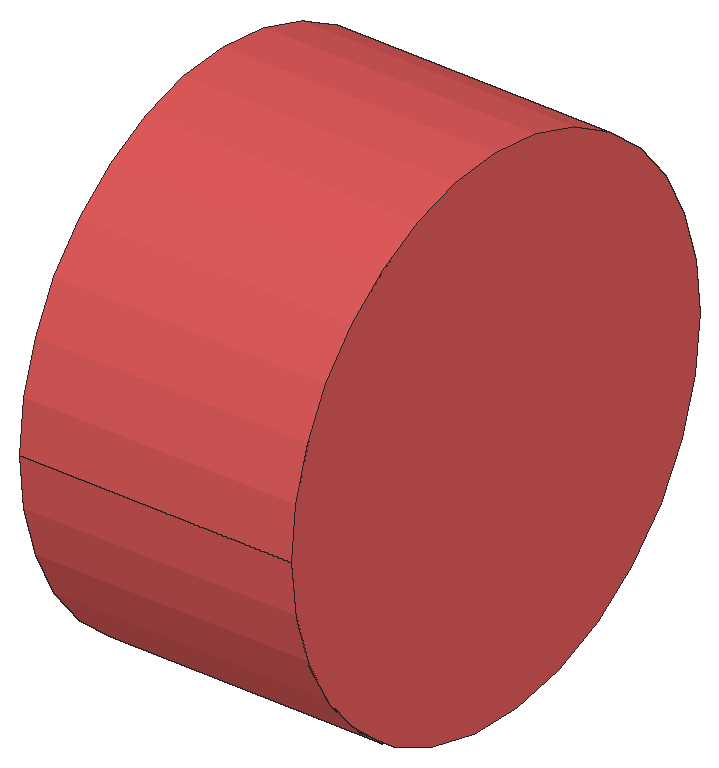
Revit family "Pam_Luvas", category Pipe Fittings, Revit 2025
Family settings
  Round Connector Dimension = Use Diameter
  Part Type = Union
  Work Plane-Based = No
  Always vertical = No
  Cut with Voids When Loaded = No
  Shared = Yes
Parameters
  Tabela [instance] = "Duc_JGS_Luvas"
  Nominal Radius [instance] = Nominal Diameter / 2  # 150.0 mm
  Nominal Diameter [instance] = 300.0 mm
  Material_Conexao = PAM_FoFo
  Manufacturer = "SGC"
  Loss Method = Not Defined
  K Coefficient Table = "Tee"
  EK7 [instance] = size_lookup(Tabela, "EK7", 5.2 mm, Nominal Diameter)  # 5.7 mm
  Description = "Luvas com Bolsas"
  Default Elevation = 0.0 mm
  Corpo_R1 [instance] = (size_lookup(Tabela, "Bolsa_DE", 54.2 mm, Nominal Diameter) / 2) + EK7  # 168.7 mm
  Corpo_L [instance] = size_lookup(Tabela, "Corpo_L", 160.0 mm, Nominal Diameter)  # 180.0 mm
  Angle [instance] = 0.00°
Reference planes
  plane 1 "Center (Front/Back)": y = 0
  plane 2: z = 0
  plane 3 "Center (Left/Right)": x = 468.25
  plane 4 "EE": x = 378.25
  plane 5 "ED": x = 558.25
Forms (mm)
  Sweep 1, solid, material "PAM_FoFo" <- "Material_Conexao"
    path origin (0, 0, 0) x (1, 0, 0) y (0, 1, 0)
      loop
        line (378.25, 0) -> (558.25, 0)
    profile origin (468.25, 0, 0) x (0, 1, 0) y (0, 0, 1)
      loop
        circle (0, 0) r 168.7
  Sweep 2, solid, material "PAM_FoFo" <- "Material_Conexao"
    path origin (0, 0, 0) x (1, 0, 0) y (0, -1, 0)
      loop
        line (378.25, 0) -> (558.25, 0)
    profile origin (468.25, 0, 0) x (0, 1, 0) y (0, 0, 1)
      loop
        circle (0, 0) r 168.7
Dimensions and locks
  "Corpo_L": plane 4 "EE" to plane 5 "ED"
  equal spacing: plane 4 "EE", plane 3 "Center (Left/Right)", plane 5 "ED"
  "Corpo_R1": radius of Sweep 1 sketch curve
  "Corpo_R1": radius of Sweep 2 sketch curve
  aligned and locked: plane 1 "Center (Front/Back)" to Sweep 1 sketch curve
  aligned and locked: plane 5 "ED" to Sweep 1 sketch curve
  aligned and locked: plane 4 "EE" to Sweep 1 sketch curve
Automatic sketch dimensions
  plane 1 "Center (Front/Back)" to Sweep 2 sketch curve = 0.0 mm
  Sweep 2 sketch curve to plane 4 "EE" = 0.0 mm
  Sweep 2 sketch curve to plane 5 "ED" = 0.0 mm
  Sweep 1 sketch curve to level = 0.0 mm
  Sweep 1 sketch curve to profile plane = 0.0 mm
  Sweep 2 sketch curve to level = 0.0 mm
  Sweep 2 sketch curve to profile plane = 0.0 mm
Connectors
  piping at (558.25, 0, 0), diameter 300, driven by "Nominal Diameter", driven by "Angle"
    settings: on Sweep 1, index 1, connector inside diameter 609.6 mm, connector length 0.0 mm, flow factor 0, pipe flow 0 L/s, pressure drop 0.00 psi, fitting loss kfactor 0, connector angle 0.00°, fixture units 0, engagement length 0.0 mm, angle of deflection 0.00°, flow configuration 0, flow direction 0, fitting loss method 0, system type 28, joint type 0, gender type 0, connector reference index -1, connector utility 0, adjustable connector no, is connector primary yes, connector description ""
  piping at (378.25, 0, 0), diameter 300, driven by "Nominal Diameter", driven by "Angle"
    settings: on Sweep 1, index 2, connector inside diameter 609.6 mm, connector length 0.0 mm, flow factor 0, pipe flow 0 L/s, pressure drop 0.00 psi, fitting loss kfactor 0, connector angle 0.00°, fixture units 0, engagement length 0.0 mm, angle of deflection 0.00°, flow configuration 0, flow direction 0, fitting loss method 0, system type 28, joint type 0, gender type 0, connector reference index -1, connector utility 0, adjustable connector no, is connector primary no, connector description ""
